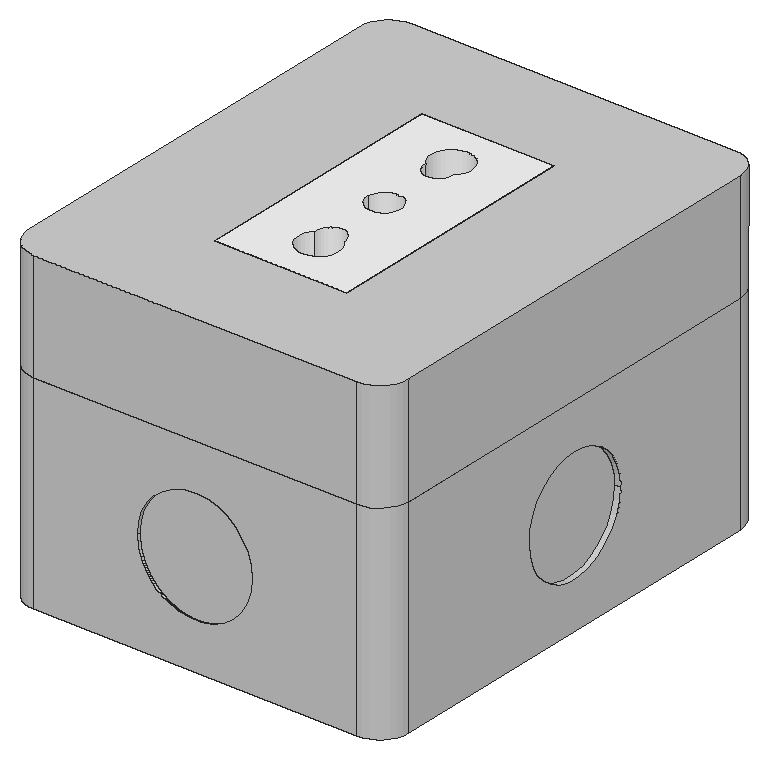
Revit family "Domotics-DomesticRanges-GEWISS-27COMBI_SYSTEM-IP40_SOCKET-OUTLET_ITA", category Apparecchi elettrici, host Superficie, Revit 2016
Family settings
  Host = Superficie
  Mantenere orientamento annotazione = Sì
  Tipo di parte = Normale
  Quota connettore circolare = Usa diametro
  Numero OmniClass = 23.80.50.14
  Titolo OmniClass = Plug Connectors
  Taglio con vuoti quando caricato = Sì
  Condiviso = Sì
  Punto di calcolo locali = No
Parameters (values of type "GW27811 - With 2P+E 16A dual amp ita std socket IP40")
  Voltage: = "250 V ac"
  Voltage = "230V ac"
  Vista di pianta [instance] = yes
  Version file RFA = "19.4"
  URL = "https://www.gewiss.com/ww/en"
  Type of knockout holes = "Removable with tool"
  Torque screws tightening = "0,8NM"
  Thermo-pressure with ball = "70 °C"
  Technical sheet = "https://www.gewiss.com/ww/en/search?q=GW27811"
  Standard; = "IEC 60884-1"
  Simbolo = SIMBOLO PRESE : PRESA
  SEO = "Enclosure"
  SCATOLA = GEWISS GRIGIO
  Realized by GEWISS S.p.A. = ""
  Produttore = "GEWISS S.p.A."
  Outer dim. LxHxD (mm) = "66x82x55"
  Offset contenitore [instance] = 0 mm
  Offset bidimensionale [instance] = Offset contenitore + 55 mm  # 55 mm
  No. knockout holes Ã˜23 = "3 on sides / 1 on the bottom"
  N. holes Ã˜ 23 with cable gland = "1"
  Modello = "GW27811"
  Lid screws = "Corrosion-resistant steel"
  Larghezza scatola = 66 mm
  Larghezza foro = 23 mm
  Insulation class = "II"
  Installation temperature = "-25 +60 °C"
  IP degree = "IP40"
  IFC.TypeObject = ""
  IFC.ExportType = ""
  IFC.ExportAs = ""
  IDT = "064142aa-a4a2-459b-b726-830832a9daec"
  IDF = "a4afe3af-0453-46d6-b7ae-c7b1faa88fc2"
  Glow Wire Test = "650°C"
  GW - Testo elettrico = "10/16"
  Electrocod = "0131"
  EAN code = "8011564095397"
  Distanza orizzontale simbolo [instance] = 231.658 mm
  Distanza dal muro [instance] = 0 mm
  Default Elevation = 1219.2 mm
  Immagine tipo = GW27811.jpg
  Dimensions LxHxD (mm) = "66x82x55"
  Descrizione = "2P+E 16A DUAL AMP ITA STD SOCKET IP40"
  Description: = "S.-outlet 2P+E - 16A Dual amp"
  Cornice simbolo [instance] = yes
  Colour = "Grey RAL 7035"
  Characteristics = "Italian standard"
  Catalogue Range = "27COMBI"
  Catalogue = "DOMOTICS"
  COBie.Tagnumber = ""
  COBie.CreatedOn = ""
  COBie.CreatebBy = ""
  COBie.ComponentRegisterItemID = ""
  COBie.Component.TagNumber = ""
  COBie.Component.Space = ""
  COBie.Component.SerialNumber = ""
  COBie.Component.InstallationDate = ""
  COBie.Component.Description = ""
  COBie.Component.BarCode = ""
  Bidimensionale = bidimensionale system contenitori IP40 : 2P
Reference planes
  plane 1 "Centro (Fronte/Retro)": y = 0
  plane 2: z = 0
  plane 3 "Centro (Sinistra/Destra)": x = 0
  plane 4 "1": z = 0
  plane 5 "piano bidimensionale": z = 55
  plane 6: x = -231.658
  plane 7: x = -11.5
  plane 8: x = 11.5
  plane 9: x = -33
  plane 10: x = 33
  plane 11: y = -41
  plane 12: y = 41
Forms (mm)
  Extrusion 1, solid, material "GEWISS GRIGIO" <- "SCATOLA", detail levels coarse
    sketch origin (0, 0, 0) x (0, -1, 0) y (1, 0, 0)
      loop
        arc (41, 28) -> (39.536, 31.536) -> (36, 33) r 5
        line (36, 33) -> (-36, 33)
        arc (-36, 33) -> (-39.536, 31.536) -> (-41, 28) r 5
        line (-41, 28) -> (-41, -28)
        arc (-41, -28) -> (-39.536, -31.536) -> (-36, -33) r 5
        line (-36, -33) -> (36, -33)
        arc (36, -33) -> (39.536, -31.536) -> (41, -28) r 5
        line (41, -28) -> (41, 28)
    from 0 to 55
Lines and regions (mm)
  Masking region 1, visible <- "Vista di pianta"
    outline origin (0, 0, 0) x (1, 0, 0) y (0, 0, 1)
      loop
        line (-33, 0) -> (33, 0) -> (33, 55) -> (-33, 55) -> (-33, 0)
  Masking region 2
    outline origin (0, 0, 0) x (1, 0, 0) y (0, 0, 1)
      loop
        line (-33, 0) -> (33, 0) -> (33, 55) -> (-33, 55) -> (-33, 0)
  Masking region 3
    outline origin (0, 0, 0) x (0, 1, 0) y (0, 0, 1)
      loop
        line (41, 0) -> (41, 55) -> (-41, 55) -> (-41, 0) -> (41, 0)
  Masking region 4, detail levels medium+fine
    outline origin (0, 0, 0.312) x (1, 0, 0) y (0, 0, 1)
      loop
        circle (0, 17.723) r 11.5
  Masking region 5, detail levels medium+fine
    outline origin (0, 0, 0) x (0, 1, 0) y (0, 0, 1)
      loop
        circle (0, 18.187) r 11.5
  model lines, detail levels coarse
    curve 1: line (11.5, 22.5, 55) -> (-11.5, 22.5, 55)
    curve 2: line (-11.5, 22.5, 55) -> (-11.5, -22.5, 55)
    curve 3: line (-11.5, -22.5, 55) -> (11.5, -22.5, 55)
    curve 4: line (11.5, -22.5, 55) -> (11.5, 22.5, 55)
    curve 5: arc (-2.41, 11.994, 55) -> (0.254, 17.963, 55) -> (2.573, 11.852, 55) r 3.536
    curve 6: arc (2.573, 11.852, 55) -> (0.005, 9.23, 55) -> (-2.41, 11.994, 55) r 2.5
    curve 7: arc (-2.942, 0, 55) -> (0, 2.942, 55) -> (2.942, 0, 55) r 2.942
    curve 8: arc (2.942, 0, 55) -> (0, -2.942, 55) -> (-2.942, 0, 55) r 2.942
    curve 9: arc (2.573, -11.852, 55) -> (0.254, -17.963, 55) -> (-2.41, -11.994, 55) r 3.536
    curve 10: arc (2.573, -11.852, 55) -> (0.005, -9.23, 55) -> (-2.41, -11.994, 55) r 2.5
  model lines, not visible, detail levels coarse
    curve 11: line (11.5, 22.5, 55) -> (-11.5, 22.5, 55)
    curve 12: line (-11.5, 22.5, 55) -> (-11.5, -22.5, 55)
    curve 13: line (-11.5, -22.5, 55) -> (11.5, -22.5, 55)
    curve 14: line (11.5, -22.5, 55) -> (11.5, 22.5, 55)
    curve 15: arc (-2.41, 11.994, 55) -> (0.254, 17.963, 55) -> (2.573, 11.852, 55) r 3.536
    curve 16: arc (2.573, 11.852, 55) -> (0.005, 9.23, 55) -> (-2.41, 11.994, 55) r 2.5
    curve 17: arc (-2.942, 0, 55) -> (0, 2.942, 55) -> (2.942, 0, 55) r 2.942
    curve 18: arc (2.942, 0, 55) -> (0, -2.942, 55) -> (-2.942, 0, 55) r 2.942
    curve 19: arc (2.573, -11.852, 55) -> (0.254, -17.963, 55) -> (-2.41, -11.994, 55) r 3.536
    curve 20: arc (2.573, -11.852, 55) -> (0.005, -9.23, 55) -> (-2.41, -11.994, 55) r 2.5
Dimensions and locks
  "Offset contenitore": plane 4 "1" to host face
  "Offset bidimensionale": plane 5 "piano bidimensionale" to plane 2
  "Distanza orizzontale simbolo": plane 3 "Centro (Sinistra/Destra)" to plane 6
  "Larghezza foro": plane 7 to plane 8
  equal spacing: plane 7, plane 3 "Centro (Sinistra/Destra)", plane 8
  "Distanza orizzontale simbolo": plane 6 to plane 3 "Centro (Sinistra/Destra)"
  equal spacing: plane 9, plane 3 "Centro (Sinistra/Destra)", plane 10
  "Larghezza scatola": plane 9 to plane 10
  equal spacing: plane 12, plane 1 "Centro (Fronte/Retro)", plane 11
  locked: plane 12 to plane 11 at 82
  aligned and locked: plane 2 to host face
  aligned and locked: level to host face
  aligned and locked: plane 6 to nested 1
  aligned and locked: plane 9 to Masking region 1 sketch curve
  aligned and locked: Masking region 1 sketch curve to plane 10
  aligned and locked: Masking region 2 sketch curve to Masking region 1  (x2)
  aligned and locked: level to Masking region 3 sketch curve
  aligned and locked: Masking region 3 sketch curve to plane 12
  aligned and locked: plane 11 to Masking region 3 sketch curve
  aligned and locked: plane 3 "Centro (Sinistra/Destra)" to nested 2
  aligned and locked: plane 3 "Centro (Sinistra/Destra)" to nested 3
  aligned and locked: plane 1 "Centro (Fronte/Retro)" to nested 3
  aligned and locked: Extrusion 1 sketch curve to nested 3  (x4)
  aligned and locked: plane 5 "piano bidimensionale" to Extrusion 1
  aligned and locked: nested 4 to plane 5 "piano bidimensionale"
Automatic sketch dimensions
  host sketch curve to host sketch curve = 2438.4 mm  (x2)
  Masking region 1 sketch curve to level = 0 mm
  Masking region 1 sketch curve to plane 5 "piano bidimensionale" = 0 mm
  Masking region 2 sketch curve to level = 0 mm
  Masking region 2 sketch curve to plane 5 "piano bidimensionale" = 0 mm
  Masking region 3 sketch curve to plane 5 "piano bidimensionale" = 0 mm
  Masking region 4 sketch curve to plane 3 "Centro (Sinistra/Destra)" = 0 mm
  level to Masking region 4 sketch curve = 18.035 mm
  Masking region 5 sketch curve to plane 1 "Centro (Fronte/Retro)" = 0 mm
  level to Masking region 5 sketch curve = 18.187 mm
  plane 10 to Extrusion 1 sketch curve = 5 mm  (x2)
  Extrusion 1 sketch curve to plane 12 = 5 mm
  Extrusion 1 sketch curve to Extrusion 1 sketch curve = 5 mm
  radius of Masking region 4 sketch curve = 11.5 mm
  radius of Masking region 5 sketch curve = 11.5 mm
Nested families
  nested 1: "SIMBOLO PRESE" at (-231.658, 83.284, 0), TESTO ELETTRICO <- "GW - Testo elettrico", Distanza dal muro <- "Distanza dal muro", BORDO ACCESO <- "Cornice simbolo", type <- "Simbolo", type "PRESA"
    with TESTO ELETTRICO "10/16", SIMBOLO yes, Distanza dal muro 0 mm, BORDO ACCESO yes
  nested 2: "SYSTEM PRESE ITA P11-17 16A_BASE" at (0, 0, 16), type "GW20203 - PRESA 2P+T 16A BIV.ST.ITAL.CON SCH.SY/WT"
  nested 3: "SYSTEM CONTENITORI IP40_BASE" at (0, 0, 0), type "GW27001 - 1 posto"
  nested 4: "bidimensionale system contenitori IP40" at (0, 0, 55), type "1P", detail levels coarse
Connectors
  cabletrayconduit at (0, -41, 18), diameter 23
    settings: on nested 3, index 1, connector width 300 mm, connector height 300 mm, connector angle 0.00°, system type 32, placement type 0, profile type 0, connector reference index -1, is primary connector yes, connector utility param no, connector description ""
  cabletrayconduit at (31.916, 0, 18), diameter 23
    settings: on nested 3, index 2, connector width 300 mm, connector height 300 mm, connector angle 0.00°, system type 32, placement type 0, profile type 0, connector reference index -1, is primary connector no, connector utility param no, connector description ""
  cabletrayconduit at (0, 41, 18), diameter 23
    settings: on nested 3, index 3, connector width 300 mm, connector height 300 mm, connector angle 0.00°, system type 32, placement type 0, profile type 0, connector reference index -1, is primary connector no, connector utility param no, connector description ""
  cabletrayconduit at (-33, 0, 18), diameter 23
    settings: on nested 3, index 4, connector width 300 mm, connector height 300 mm, connector angle 0.00°, system type 32, placement type 0, profile type 0, connector reference index -1, is primary connector no, connector utility param no, connector description ""
Definition of nested family "SYSTEM PRESE ITA P11-17 16A_BASE"
  Parameters (values of type "GW20203 - PRESA 2P+T 16A BIV.ST.ITAL.CON SCH.SY/WT")
    Struttura = none
    Pulsante = none
    Profondità supporto = 28.04 mm
    Profondità presa = 39 mm
    Larghezza presa = 23 mm
    Distanza simbolo = 30 mm
    Bidimensionale = 44.7 mm
    Altezza simbolo = 30 mm
    Altezza presa = 45 mm
  Types (4): name
    GW20203 - PRESA 2P+T 16A BIV.ST.ITAL.CON SCH.SY/WT
    GW20295 - PRESA 2P+T 16A BIV.ST.ITAL.CON SCH.RED
    GW20281 - PRESA 2P+T 16A BIV.ST.ITAL.CON SCH.GREEN
    GW20286 - PRESA 2P+T 16A BIV.ST.ITAL.CON SCH.ORANGE
  Reference planes
    plane 1 "Centro (Fronte/Retro)": y = 0
    plane 2: z = 0
    plane 3 "Centro (Sinistra/Destra)": x = 0
    plane 4: x = -11.5
    plane 5: x = 11.5
    plane 6: y = 22.5
    plane 7: y = -22.5
    plane 8: z = 28.04
    plane 9 "PIANO BIDIMENSIONALE": z = 44.7
    plane 10: z = 39
  Forms (mm)
    Extrusion 1, solid, material <- "Struttura", detail levels medium+fine
      sketch origin (0, 0, 0) x (0, 1, 0) y (0, 0, 1)
        loop
          line (22.5, 0.5) -> (22.5, 28.04) -> (-22.5, 28.04) -> (-22.5, 0.5)
          arc (-22.5, 0.5) -> (-22.354, 0.146) -> (-22, 0) r 0.5
          line (-22, 0) -> (22, 0)
          arc (22, 0) -> (22.354, 0.146) -> (22.5, 0.5) r 0.5
      from -11.5 to 11.5
    Extrusion 2, solid, material <- "Pulsante", detail levels medium+fine
      sketch origin (0, 0, 0) x (0, 1, 0) y (0, 0, 1)
        loop
          arc (-22.5, 27.54) -> (-22.354, 27.894) -> (-22, 28.04) r 0.5
          line (-22, 28.04) -> (22, 28.04)
          arc (22, 28.04) -> (22.354, 27.894) -> (22.5, 27.54) r 0.5
          line (22.5, 27.54) -> (22.5, 39) -> (-22.5, 39) -> (-22.5, 27.54)
      from -11.5 to 11.5
    Extrusion 3, void
      sketch origin (0, 0, 33.639) x (-1, 0, 0) y (0, -1, 0)
        loop
          circle (0, 0) r 2.942
        loop
          arc (2.41, -11.994) -> (-0.005, -9.23) -> (-2.573, -11.852) r 2.5
          arc (-2.573, -11.852) -> (-0.254, -17.963) -> (2.41, -11.994) r 3.536
        loop
          arc (-2.573, 11.852) -> (-0.005, 9.23) -> (2.41, 11.994) r 2.5
          arc (2.41, 11.994) -> (-0.254, 17.963) -> (-2.573, 11.852) r 3.536
      from -5.599 to 5.361
  Cuts and joins
    Extrusion 3 cuts Extrusion 2
  Lines and regions (mm)
    Masking region 1
      outline origin (0, 0, 44.7) x (0, -1, 0) y (1, 0, 0)
        loop
          line (-22.5, -11.5) -> (22.5, -11.5) -> (22.5, 11.5) -> (-22.5, 11.5) -> (-22.5, -11.5)
        loop
          arc (-11.852, 2.573) -> (-17.963, 0.254) -> (-11.994, -2.41) r 3.536
          arc (-11.994, -2.41) -> (-9.23, 0.005) -> (-11.852, 2.573) r 2.5
        loop
          circle (0, 0) r 2.942
        loop
          arc (11.852, 2.573) -> (9.23, 0.005) -> (11.994, -2.41) r 2.5
          arc (11.994, -2.41) -> (17.963, 0.254) -> (11.852, 2.573) r 3.536
  Dimensions and locks
    equal spacing: plane 4, plane 3 "Centro (Sinistra/Destra)", plane 5
    "Larghezza presa": plane 4 to plane 5
    equal spacing: plane 6, plane 1 "Centro (Fronte/Retro)", plane 7
    "Altezza presa": plane 6 to plane 7
    "Bidimensionale": plane 9 "PIANO BIDIMENSIONALE" to plane 2
    "Profondità presa": plane 10 to plane 2
    "Profondità supporto": plane 8 to plane 2
    aligned and locked: level to plane 2
    aligned and locked: plane 8 to Extrusion 1
    aligned and locked: Extrusion 3 to Extrusion 1
    aligned and locked: plane 6 to Extrusion 1
    aligned and locked: Extrusion 1 to plane 7
    aligned and locked: Extrusion 1 to plane 4
    aligned and locked: plane 10 to Extrusion 3
    aligned and locked: Extrusion 2 to Extrusion 3
    aligned and locked: Extrusion 2 to Extrusion 1
    aligned and locked: plane 7 to Masking region 1 sketch curve
    aligned and locked: Masking region 1 sketch curve to plane 5
    aligned and locked: plane 4 to Masking region 1 sketch curve
    aligned and locked: Masking region 1 sketch curve to plane 6
  Automatic sketch dimensions
    Extrusion 1 sketch curve to level = 0 mm
    level to Extrusion 1 sketch curve = 0.5 mm
    plane 7 to Extrusion 1 sketch curve = 0 mm
    Extrusion 1 sketch curve to Extrusion 1 sketch curve = 0.5 mm
    Extrusion 2 sketch curve to plane 7 = 0 mm
    Extrusion 2 sketch curve to plane 6 = 0 mm
    Extrusion 2 sketch curve to Extrusion 2 sketch curve = 0.5 mm  (x2)
    Extrusion 1 sketch curve to plane 6 = 0 mm
    plane 1 "Centro (Fronte/Retro)" to Extrusion 3 sketch curve = 0 mm
    Extrusion 3 sketch curve to plane 3 "Centro (Sinistra/Destra)" = 0 mm
    plane 3 "Centro (Sinistra/Destra)" to Extrusion 3 sketch curve = 0.076 mm  (x2)
    plane 3 "Centro (Sinistra/Destra)" to Extrusion 3 sketch curve = 0.153 mm  (x2)
    Extrusion 3 sketch curve to plane 6 = 10.771 mm
    Extrusion 3 sketch curve to Extrusion 3 sketch curve = 2.701 mm  (x2)
    Extrusion 3 sketch curve to Extrusion 3 sketch curve = 2.497 mm  (x2)
    Extrusion 3 sketch curve to plane 3 "Centro (Sinistra/Destra)" = 2.41 mm  (x2)
    plane 7 to Extrusion 3 sketch curve = 10.771 mm
    Extrusion 1 sketch curve to plane 8 = 0 mm
    plane 8 to Extrusion 2 sketch curve = 0 mm
    plane 8 to Extrusion 2 sketch curve = 10.96 mm
    plane 3 "Centro (Sinistra/Destra)" to Masking region 1 sketch curve = 0.153 mm  (x2)
    Masking region 1 sketch curve to plane 6 = 8.071 mm
    plane 3 "Centro (Sinistra/Destra)" to Masking region 1 sketch curve = 0.076 mm  (x2)
    Masking region 1 sketch curve to Masking region 1 sketch curve = 2.701 mm  (x2)
    Masking region 1 sketch curve to Masking region 1 sketch curve = 0.265 mm
    Masking region 1 sketch curve to Masking region 1 sketch curve = 0.123 mm  (x2)
    plane 1 "Centro (Fronte/Retro)" to Masking region 1 sketch curve = 0 mm
    Masking region 1 sketch curve to plane 3 "Centro (Sinistra/Destra)" = 0 mm
    Masking region 1 sketch curve to plane 3 "Centro (Sinistra/Destra)" = 2.942 mm
    plane 7 to Masking region 1 sketch curve = 10.771 mm
    Masking region 1 sketch curve to plane 3 "Centro (Sinistra/Destra)" = 2.41 mm
    radius of Extrusion 3 sketch curve = 2.942 mm
Definition of nested family "SYSTEM CONTENITORI IP40_BASE"
  Parameters (values of type "GW27001 - 1 posto")
    SCATOLA = none
    PRESA = none
    Profondità scatola = 55 mm  # constant formula
    Larghezza scatola = 66 mm
    Larghezza foro = 23 mm
    Bidimensionale = 70 mm
    Altezza scatola = 82 mm
  Types (4, lengths in mm): name | Larghezza scatola | Larghezza foro
    GW27001 - 1 posto | 66 | 23
    GW27002 - 2 posti | 66 | 46
    GW27003 - 3 posti | 99 | 69
    GW27004 - 4 posti | 132 | 92
  Reference planes
    plane 1 "Centro (Fronte/Retro)": y = 0
    plane 2: z = 0
    plane 3 "Centro (Sinistra/Destra)": x = 0
    plane 4: y = -41
    plane 5: y = 41
    plane 6: x = -33
    plane 7: x = 33
    plane 8 "PIANO BIDIMENSIONALE": z = 70
    plane 9: z = 55
    plane 10: x = -11.5
    plane 11: x = 11.5
    plane 12: y = 22.5
    plane 13: y = -22.5
  Forms (mm)
    Extrusion 1, solid, material <- "SCATOLA", detail levels medium+fine
      sketch origin (0, 0, 66) x (0, -1, 0) y (1, 0, 0)
        loop
          arc (-41, -28) -> (-39.536, -31.536) -> (-36, -33) r 5
          line (-36, -33) -> (36, -33)
          arc (36, -33) -> (39.536, -31.536) -> (41, -28) r 5
          line (41, -28) -> (41, 28)
          arc (41, 28) -> (39.536, 31.536) -> (36, 33) r 5
          line (36, 33) -> (-36, 33)
          arc (-36, 33) -> (-39.536, 31.536) -> (-41, 28) r 5
          line (-41, 28) -> (-41, -28)
        loop
          line (39, -28) -> (39, 28)
          arc (39, 28) -> (38.121, 30.121) -> (36, 31) r 3
          line (36, 31) -> (-36, 31)
          arc (-36, 31) -> (-38.121, 30.121) -> (-39, 28) r 3
          line (-39, 28) -> (-39, -28)
          arc (-39, -28) -> (-38.121, -30.121) -> (-36, -31) r 3
          line (-36, -31) -> (36, -31)
          arc (36, -31) -> (38.121, -30.121) -> (39, -28) r 3
      from -66 to -30
    Extrusion 2, solid, material <- "SCATOLA", detail levels medium+fine
      sketch origin (0, 0, 0) x (1, 0, 0) y (0, 0, 1)
        loop
          circle (0, 18) r 16
      from -43 to -41
    Extrusion 3, solid, material <- "SCATOLA", detail levels medium+fine
      sketch origin (0, 41, 0) x (-1, 0, 0) y (0, 0, 1)
        loop
          circle (0, 18) r 13
      from 5 to 3
    Extrusion 4, solid, material <- "SCATOLA", detail levels medium+fine
      sketch origin (0, 41, 0) x (-1, 0, 0) y (0, 0, 1)
        loop
          circle (0, 18) r 10
      from 8 to 6
    Extrusion 5, solid, material <- "SCATOLA", detail levels medium+fine
      sketch origin (0, 41, 0) x (-1, 0, 0) y (0, 0, 1)
        loop
          circle (0, 18) r 3
      from 2 to 6
    Extrusion 6, void, detail levels medium+fine
      sketch origin (0, 0, 0) x (0, 1, 0) y (0, 0, 1)
        loop
          circle (0, 18) r 10
      from 31.916 to 33
    Extrusion 7, void, detail levels medium+fine
      sketch origin (0, 0, 0) x (1, 0, 0) y (0, 0, 1)
        loop
          circle (0, 18) r 10
      from 40.592 to 41
    Extrusion 8, void, detail levels medium+fine
      sketch origin (0, 0, 0) x (0, 1, 0) y (0, 0, -1)
        loop
          circle (0, -18) r 11.5
      from 31.754 to 33
    Extrusion 9, void, detail levels medium+fine
      sketch origin (0, 0, 0) x (1, 0, 0) y (0, 0, -1)
        loop
          circle (0, -18) r 10
      from 40.592 to 41
    Extrusion 10, solid, material <- "SCATOLA", detail levels medium+fine
      sketch origin (0, 0, 70) x (-1, 0, 0) y (0, -1, 0)
        loop
          arc (28, -41) -> (31.536, -39.536) -> (33, -36) r 5
          line (33, -36) -> (33, 36)
          arc (33, 36) -> (31.536, 39.536) -> (28, 41) r 5
          line (28, 41) -> (-28, 41)
          arc (-28, 41) -> (-31.536, 39.536) -> (-33, 36) r 5
          line (-33, 36) -> (-33, -36)
          arc (-33, -36) -> (-31.536, -39.536) -> (-28, -41) r 5
          line (-28, -41) -> (28, -41)
        loop
          line (-11.5, 22.5) -> (-11.5, -22.5) -> (11.5, -22.5) -> (11.5, 22.5) -> (-11.5, 22.5)
      from -34 to -15
    Extrusion 11, solid, material <- "SCATOLA", detail levels medium+fine
      sketch origin (0, 0, 0) x (1, 0, 0) y (0, 1, 0)
        loop
          line (-31, 36) -> (-31, -36)
          arc (-31, -36) -> (-30.121, -38.121) -> (-28, -39) r 3
          line (-28, -39) -> (28, -39)
          arc (28, -39) -> (30.121, -38.121) -> (31, -36) r 3
          line (31, -36) -> (31, 36)
          arc (31, 36) -> (30.121, 38.121) -> (28, 39) r 3
          line (28, 39) -> (-28, 39)
          arc (-28, 39) -> (-30.121, 38.121) -> (-31, 36) r 3
      from 0 to 2
  Cuts and joins
    Extrusion 6, Extrusion 7, Extrusion 8, Extrusion 9 cuts Extrusion 1
  Lines and regions (mm)
    Masking region 1
      outline origin (0, 0, 70) x (-1, 0, 0) y (0, -1, 0)
        loop
          circle (-28, -36) r 2
        loop
          line (11.5, -22.5) -> (11.5, 22.5) -> (-11.5, 22.5) -> (-11.5, -22.5) -> (11.5, -22.5)
        loop
          line (33, -36) -> (33, 36)
          arc (33, 36) -> (31.536, 39.536) -> (28, 41) r 5
          line (28, 41) -> (-28, 41)
          arc (-28, 41) -> (-31.536, 39.536) -> (-33, 36) r 5
          line (-33, 36) -> (-33, -36)
          arc (-33, -36) -> (-31.536, -39.536) -> (-28, -41) r 5
          line (-28, -41) -> (28, -41)
          arc (28, -41) -> (31.536, -39.536) -> (33, -36) r 5
        loop
          circle (28, 36) r 2
    Masking region 2
      outline origin (0, 0, 70) x (-1, 0, 0) y (0, -1, 0)
        loop
          circle (-28, -36) r 2
        loop
          circle (28, 36) r 2
  Dimensions and locks
    equal spacing: plane 4, plane 1 "Centro (Fronte/Retro)", plane 5
    plane 4 to plane 5 = 82 mm
    equal spacing: plane 6, plane 3 "Centro (Sinistra/Destra)", plane 7
    "Larghezza scatola": plane 6 to plane 7
    equal spacing: plane 5, plane 1 "Centro (Fronte/Retro)", plane 4
    "Altezza scatola": plane 5 to plane 4
    "Bidimensionale": plane 8 "PIANO BIDIMENSIONALE" to level
    "Profondità scatola": plane 9 to plane 2
    equal spacing: plane 12, plane 1 "Centro (Fronte/Retro)", plane 13
    "Larghezza foro": plane 10 to plane 11
    equal spacing: plane 10, plane 3 "Centro (Sinistra/Destra)", plane 11
    locked: cut or joined group of Extrusion 1, Extrusion 6, Extrusion 7, Extrusion 8, Extrusion 9 to Extrusion 10 at 1.084
    locked: Extrusion 10 to cut or joined group of Extrusion 1, Extrusion 6, Extrusion 7, Extrusion 8, Extrusion 9 at 1.246
    aligned and locked: level to plane 2
    aligned and locked: Extrusion 5 to Extrusion 2
    aligned and locked: Extrusion 5 to Extrusion 4
    aligned and locked: Extrusion 1 to Extrusion 8
    aligned and locked: Masking region 1 to plane 12
    aligned and locked: plane 10 to Masking region 1
    aligned and locked: Masking region 1 to plane 11
    aligned and locked: plane 13 to Masking region 1
    aligned and locked: Extrusion 10 sketch curve to cut or joined group of Extrusion 1, Extrusion 6, Extrusion 7, Extrusion 8, Extrusion 9  (x4)
    aligned and locked: Extrusion 10 sketch curve to Masking region 1  (x4)
    aligned and locked: Extrusion 10 to cut or joined group of Extrusion 1, Extrusion 6, Extrusion 7, Extrusion 8, Extrusion 9
    aligned and locked: Extrusion 10 to plane 6
    aligned and locked: plane 7 to Extrusion 10
    aligned and locked: Extrusion 11 sketch curve to cut or joined group of Extrusion 1, Extrusion 6, Extrusion 7, Extrusion 8, Extrusion 9  (x4)
    aligned and locked: plane 7 to Extrusion 6
    aligned and locked: cut or joined group of Extrusion 1, Extrusion 6, Extrusion 7, Extrusion 8, Extrusion 9 to plane 2
  Automatic sketch dimensions
    Extrusion 1 sketch curve to plane 5 = 0 mm
    Extrusion 1 sketch curve to plane 6 = 0 mm
    Extrusion 1 sketch curve to plane 7 = 0 mm
    Extrusion 1 sketch curve to plane 4 = 0 mm
    Extrusion 1 sketch curve to Extrusion 1 sketch curve = 5 mm  (x2)
    plane 4 to Extrusion 1 sketch curve = 5 mm  (x2)
    Extrusion 2 sketch curve to plane 3 "Centro (Sinistra/Destra)" = 0 mm
    level to Extrusion 2 sketch curve = 18 mm
    Extrusion 3 sketch curve to plane 3 "Centro (Sinistra/Destra)" = 0 mm
    level to Extrusion 3 sketch curve = 18 mm
    Extrusion 4 sketch curve to plane 3 "Centro (Sinistra/Destra)" = 0 mm
    level to Extrusion 4 sketch curve = 18 mm
    Extrusion 5 sketch curve to plane 3 "Centro (Sinistra/Destra)" = 0 mm
    level to Extrusion 5 sketch curve = 18 mm
    Extrusion 6 sketch curve to plane 1 "Centro (Fronte/Retro)" = 0 mm
    level to Extrusion 6 sketch curve = 18 mm
    Extrusion 7 sketch curve to plane 3 "Centro (Sinistra/Destra)" = 0 mm
    level to Extrusion 7 sketch curve = 18 mm
    Extrusion 8 sketch curve to plane 1 "Centro (Fronte/Retro)" = 0 mm
    level to Extrusion 8 sketch curve = 18 mm
    Extrusion 9 sketch curve to plane 3 "Centro (Sinistra/Destra)" = 0 mm
    level to Extrusion 9 sketch curve = 18 mm
    Masking region 1 sketch curve to Masking region 1 sketch curve = 0 mm  (x4)
    Masking region 1 sketch curve to plane 7 = 0 mm
    Masking region 1 sketch curve to plane 5 = 0 mm
    Masking region 1 sketch curve to plane 4 = 0 mm
    Masking region 1 sketch curve to plane 6 = 0 mm
    Masking region 1 sketch curve to plane 7 = 5 mm
    plane 4 to Masking region 1 sketch curve = 5 mm
    Masking region 1 sketch curve to plane 7 = 21.5 mm
    plane 6 to Masking region 1 sketch curve = 5 mm
    Masking region 1 sketch curve to plane 5 = 5 mm
    Masking region 1 sketch curve to Masking region 1 sketch curve = 13.5 mm  (x2)
    Masking region 1 sketch curve to Masking region 1 sketch curve = 2 mm
    plane 6 to Masking region 1 sketch curve = 21.5 mm
    Extrusion 10 sketch curve to Extrusion 10 sketch curve = 5 mm
    plane 4 to Extrusion 10 sketch curve = 5 mm  (x2)
    Extrusion 10 sketch curve to plane 7 = 5 mm
    Extrusion 1 sketch curve to Extrusion 1 sketch curve = 0 mm  (x7)
    Extrusion 1 sketch curve to Extrusion 1 sketch curve = 2 mm
    Extrusion 11 sketch curve to Extrusion 11 sketch curve = 3 mm  (x2)
    Extrusion 11 sketch curve to plane 7 = 5 mm  (x2)
    Masking region 2 sketch curve to plane 7 = 5 mm
    Masking region 2 sketch curve to plane 5 = 5 mm
    Masking region 2 sketch curve to Masking region 2 sketch curve = 2 mm  (x2)
    Masking region 2 sketch curve to Masking region 2 sketch curve = 0 mm  (x2)
    plane 6 to Masking region 2 sketch curve = 5 mm
    plane 4 to Masking region 2 sketch curve = 5 mm
    radius of Extrusion 2 sketch curve = 16 mm
    radius of Extrusion 3 sketch curve = 13 mm
    radius of Extrusion 4 sketch curve = 10 mm
    radius of Extrusion 5 sketch curve = 3 mm
    radius of Extrusion 6 sketch curve = 10 mm
    radius of Extrusion 7 sketch curve = 10 mm
    radius of Extrusion 8 sketch curve = 11.5 mm
    radius of Extrusion 9 sketch curve = 10 mm
    radius of Masking region 1 sketch curve = 2 mm
Definition of nested family "SIMBOLO PRESE"
  Parameters (values of type "PRESA")
    TESTO ELETTRICO [instance] = "TXT"
    Simbolo = SIMBOLO PRESE_BASE : PRESA
    SIMBOLO [instance] = yes
    Distanza dal muro [instance] = 4.208 mm
    BORDO ACCESO [instance] = yes
  Reference planes
    plane 1: y = 0
    plane 2: x = 0
  Dimensions and locks
    "Distanza dal muro": plane 1 to nested 1
  Nested families
    nested 1: "SIMBOLO PRESE_BASE" at (0, 4.208, 0), type <- "Simbolo", TESTO ELETTRICO <- "TESTO ELETTRICO", BORDO ACCESO <- "BORDO ACCESO", visible <- "SIMBOLO", type "PRESA"
      with TESTO ELETTRICO "TXT", BORDO ACCESO yes
  Definition of nested family "SIMBOLO PRESE_BASE"
    Parameters (values of type "PRESA")
      TESTO ELETTRICO [instance] = "TXT"
      Distanza dal muro = 4.208 mm
      BORDO ACCESO [instance] = yes
    Reference planes
      plane 1: y = 0
      plane 2: x = 0
    Lines and regions (mm)
      detail lines, visible <- "BORDO ACCESO"
        curve 1: line (-1, 2.5, 0) -> (1, 2.5, 0)
        curve 2: line (1, 2.5, 0) -> (1, 0, 0)
        curve 3: line (1, 0, 0) -> (-1, 0, 0)
        curve 4: line (-1, 0, 0) -> (-1, 2.5, 0)
        curve 5: line (-0.9, 2.4, 0) -> (0.9, 2.4, 0)
        curve 6: line (0.9, 2.4, 0) -> (0.9, 0.1, 0)
        curve 7: line (0.9, 0.1, 0) -> (-0.9, 0.1, 0)
        curve 8: line (-0.9, 0.1, 0) -> (-0.9, 2.4, 0)
      detail lines, visible <- "BORDO ACCESO", not visible
        curve 9: line (-1.743, 9.208, 0) -> (2.057, 9.208, 0)
        curve 10: line (2.057, 9.208, 0) -> (2.057, 4.208, 0)
        curve 11: line (2.057, 4.208, 0) -> (-1.743, 4.208, 0)
        curve 12: line (-1.743, 4.208, 0) -> (-1.743, 9.208, 0)
        curve 13: line (-1.543, 9.008, 0) -> (1.857, 9.008, 0)
        curve 14: line (1.857, 9.008, 0) -> (1.857, 4.408, 0)
        curve 15: line (1.857, 4.408, 0) -> (-1.543, 4.408, 0)
        curve 16: line (-1.543, 4.408, 0) -> (-1.543, 9.008, 0)
      detail lines
        curve 17: line (0.783, 1.133, 0) -> (-0.783, 1.133, 0)
        curve 18: line (0, 1.133, 0) -> (0, 0.349, 0)
        curve 19: arc (-0.783, 1.916, 0) -> (0, 1.133, 0) -> (0.783, 1.916, 0) r 0.783
    Text (mm)
      label "TXT" at (0.016, 1.578, 0), shows "TESTO ELETTRICO"
    Dimensions and locks
      aligned and locked: curve 3 to plane 1
Definition of nested family "bidimensionale system contenitori IP40"
  Parameters (values of type "1P")
    Larghezza scatola = 66 mm
    Larghezza foro = 23 mm
    Altezza scatola = 82 mm
  Types (4, lengths in mm): name | Larghezza scatola | Larghezza foro
    1P | 66 | 23
    2P | 66 | 46
    3P | 99 | 69
    4P | 132 | 92
  Reference planes
    plane 1 "Centro (Fronte/Retro)": y = 0
    plane 2: z = 0
    plane 3 "Centro (Sinistra/Destra)": x = 0
    plane 4: x = -33
    plane 5: x = 33
    plane 6: y = 41
    plane 7: y = -41
    plane 8: x = 11.5
    plane 9: x = -11.5
    plane 10: y = 22.5
    plane 11: y = -22.5
  Lines and regions (mm)
    model lines
      curve 1: arc (-28, 41, 0) -> (-31.536, 39.536, 0) -> (-33, 36, 0) r 5
      curve 2: line (-33, 36, 0) -> (-33, -36, 0)
      curve 3: arc (-33, -36, 0) -> (-31.536, -39.536, 0) -> (-28, -41, 0) r 5
      curve 4: line (-28, -41, 0) -> (28, -41, 0)
      curve 5: arc (28, -41, 0) -> (31.536, -39.536, 0) -> (33, -36, 0) r 5
      curve 6: line (33, -36, 0) -> (33, 36, 0)
      curve 7: arc (33, 36, 0) -> (31.536, 39.536, 0) -> (28, 41, 0) r 5
      curve 8: line (28, 41, 0) -> (-28, 41, 0)
      curve 9: circle (-28, -36, 0) r 2 normal (0, 0, 1)
      curve 10: line (11.5, -22.5, 0) -> (-11.5, -22.5, 0)
      curve 11: line (-11.5, -22.5, 0) -> (-11.5, 22.5, 0)
      curve 12: line (-11.5, 22.5, 0) -> (-11.5, 23.5, 0)
      curve 13: arc (-11.5, 23.5, 0) -> (-10.914, 24.914, 0) -> (-9.5, 25.5, 0) r 2
      curve 14: line (-9.5, 25.5, 0) -> (9.5, 25.5, 0)
      curve 15: arc (9.5, 25.5, 0) -> (10.914, 24.914, 0) -> (11.5, 23.5, 0) r 2
      curve 16: line (11.5, 23.5, 0) -> (11.5, 22.5, 0)
      curve 17: line (11.5, 22.5, 0) -> (11.5, -22.5, 0)
      curve 18: line (-11.5, 22.5, 0) -> (11.5, 22.5, 0)
      curve 19: circle (28, 36, 0) r 2 normal (0, 0, 1)
  Dimensions and locks
    equal spacing: plane 6, plane 1 "Centro (Fronte/Retro)", plane 7
    equal spacing: plane 4, plane 3 "Centro (Sinistra/Destra)", plane 5
    "Altezza scatola": plane 6 to plane 7
    "Larghezza scatola": plane 4 to plane 5
    equal spacing: plane 9, plane 3 "Centro (Sinistra/Destra)", plane 8
    "Larghezza foro": plane 9 to plane 8
    equal spacing: plane 10, plane 1 "Centro (Fronte/Retro)", plane 11
    plane 10 to plane 11 = 45 mm
    aligned and locked: level to plane 2
    aligned and locked: plane 9 to curve 11
    aligned and locked: curve 17 to plane 8
    aligned and locked: curve 2 to plane 4
    aligned and locked: plane 5 to curve 6
    aligned and locked: plane 6 to curve 8
    aligned and locked: curve 4 to plane 7
    aligned and locked: curve 18 to plane 10
    aligned and locked: plane 11 to curve 10
  Automatic sketch dimensions
    curve 2 to curve 3 = 5 mm
    curve 2 to curve 1 = 5 mm
    curve 4 to plane 5 = 5 mm
    curve 8 to plane 5 = 5 mm
    curve 3 to curve 9 = 0 mm  (x2)
    curve 13 to curve 13 = 2 mm
    curve 15 to curve 16 = 2 mm
    curve 11 to curve 13 = 1 mm
    curve 7 to curve 19 = 0 mm  (x2)
    radius of curve 9 = 2 mm
    radius of curve 19 = 2 mm
